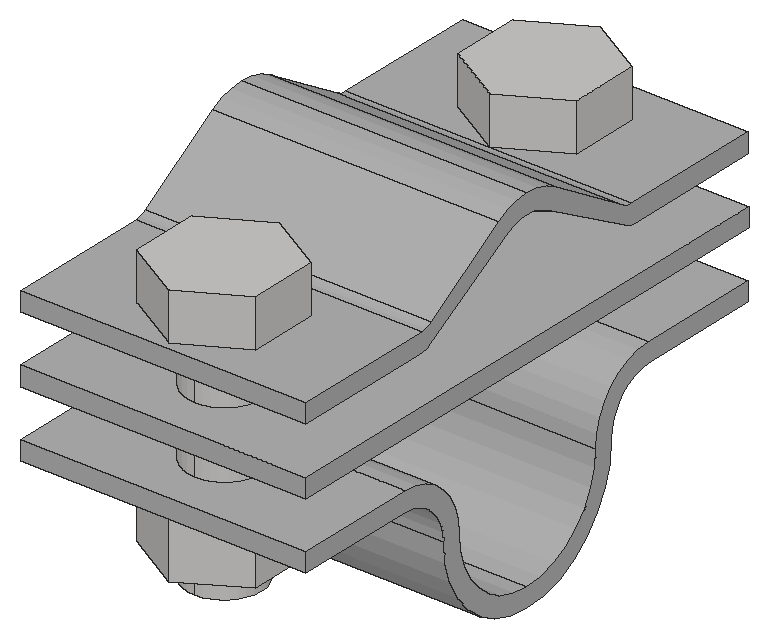
Revit family "DF_ЗажимПараллельный_Пруток_Стержень_8-10_16_EZETEK_", category Соединительные детали воздуховодов, Revit 2017
Family settings
  Размер круглого соединителя = Использовать радиус
  Тип детали = Соединение
  На основе рабочей плоскости = Нет
  Всегда вертикально = Да
  При загрузке вырезать с полостями = Нет
  Общий = Нет
Parameters (values of type "ЗажимПараллельный_Стержень-Стержень_СтальОцинкованная_90550")
  Угол = 90.00°  # constant formula
  Тип = PF_ЗажимПараллельный_Пруток_Стержень_8-10_16_EZETEK : ЗажимПараллельный_Пруток_Стержень_СтальОцинкованная_90550
  Смещение_Коннекторы_По вертикали1 [instance] = if(Графика_Сместить_ПоВертикали, 11 mm, 0 mm)  # 11 mm
  Смещение_Коннекторы_По вертикали [instance] = if(Графика_Сместить_ПоВертикали, 7 mm, 0 mm)  # 7 mm
  СфераОшибки [instance] = if(or(R_1 * 2 > 16 mm, R_1 * 2 < 8 mm, R_2 * 2 > 16 mm, R_2 * 2 < 8 mm), 1 = 1, 1 = 0)  # no
  Смещение_Коннекторы_Длина [instance] = if(Графика_Сместить_ПоДлине, 50 mm, 1 mm)  # 50 mm
  Предупреждение [instance] = if(СфераОшибки, "Допустимые диаметры прутков: 8, 10 мм, стержень 16 мм", "")  # ""
  Описание = "Зажим выполнен из оцинкованной стали и используется для соединения в параллельном направлении прутка молниезащитной сетки диаметром 8-10 мм со стрежнем либо молниеприемником диаметром 16 мм."  # constant formula
  Группа модели = "Зажимы"  # constant formula
  Графика_Сместить_ПоДлине [instance] = yes
  Графика_Сместить_ПоВертикали [instance] = yes
  Производитель_Контакты = "ezetek@ezetek.ru"  # constant formula
  built-in parameter 1114242 [instance] = 1 = 0  # (empty or 0)
  Изготовитель = "Ezetek"  # constant formula
  URL = "https://ezetek.ru/"
  R_Error [instance] = if(СфераОшибки, 200 mm, 1 mm)  # 1 mm
  R_2 [instance] = 8 mm
  R_1 [instance] = 5 mm
  ADSK_Этаж [instance] = ""
  ADSK_Размер_Радиус [instance] = R_2  # 8 mm
  ADSK_Размер_Диаметр [instance] = R_2 * 2  # 16 mm
  ADSK_Примечание [instance] = "Неспецифицируемое"  # constant formula
  ADSK_Позиция [instance] = "Неспецифицируемое"  # constant formula
  ADSK_Обозначение = "Неспецифицируемое"  # constant formula
  ADSK_Наименование краткое [instance] = "Неспецифицируемое"  # constant formula
  ADSK_Наименование = "Неспецифицируемое"  # constant formula
  ADSK_Материал = BIMLIB_Сталь_Оцинкованная_EZETEK
  ADSK_Масса_Текст = "Неспецифицируемое"  # constant formula
  ADSK_Масса = 0  # constant formula
  ADSK_Марка = "Неспецифицируемое"  # constant formula
  ADSK_Количество = 0  # constant formula
  ADSK_Код изделия = "Неспецифицируемое"  # constant formula
  ADSK_Завод-изготовитель = "Неспецифицируемое"  # constant formula
  ADSK_Единица измерения = "Неспецифицируемое"  # constant formula
  ADSK_Группирование [instance] = ""
  ADSK_Версия Revit = "2017"  # constant formula
Types (3, lengths in mm): name | Тип | ADSK_Материал
  ЗажимПараллельный_Стержень-Стержень_Латунь_90553 | PF_ЗажимПараллельный_Пруток_Стержень_8-10_16_EZETEK : ЗажимПараллельный_Пруток_Стержень_Латунь_90553 | BIMLIB_Латунь_EZETEK
  ЗажимПараллельный_Стержень-Стержень_СтальОцинкованная_90550 | PF_ЗажимПараллельный_Пруток_Стержень_8-10_16_EZETEK : ЗажимПараллельный_Пруток_Стержень_СтальОцинкованная_90550 | BIMLIB_Сталь_Оцинкованная_EZETEK
  ЗажимПараллельный_Стержень-Стержень_Медь_90552 | PF_ЗажимПараллельный_Пруток_Стержень_8-10_16_EZETEK : ЗажимПараллельный_Пруток_Стержень_Медь_90552 | BIMLIB_Латунь_EZETEK
Reference planes
  plane 1 "По центру (Вперед/Назад)": y = 0
  plane 2: z = 0
  plane 3 "По центру (Влево/Вправо)": x = 0
  plane 4 "U": z = 7
  plane 5: z = -11
Forms (mm)
  Revolve 1, solid, visible <- "СфераОшибки"
    sketch origin (0, 0, 0) x (1, 0, 0) y (0, 1, 0)
      loop
        arc (1, 0) -> (0, 1) -> (-1, 0) r 1
        line (-1, 0) -> (1, 0)
      axis (1, 0) -> (-1, 0)
    angle from 0 to 360
Lines and regions (mm)
  reference lines
    curve 1: line (-1, 0, 7) -> (50, 0, 7)
    curve 2: line (1, 0, -11) -> (-50, 0, -11)
Dimensions and locks
  "Смещение_Коннекторы_По вертикали": plane 4 "U" to plane 2
  "Смещение_Коннекторы_По вертикали1": plane 2 to plane 5
  locked: curve 1 to plane 3 "По центру (Влево/Вправо)" at 1
  "Смещение_Коннекторы_Длина": plane 3 "По центру (Влево/Вправо)" to curve 1
  locked: plane 3 "По центру (Влево/Вправо)" to curve 2 at 1
  "Смещение_Коннекторы_Длина": curve 2 to plane 3 "По центру (Влево/Вправо)"
  "R_Error": radius of Revolve 1 sketch curve
  aligned and locked: level to plane 2
  aligned and locked: curve 1 to plane 4 "U"
  aligned and locked: plane 1 "По центру (Вперед/Назад)" to Revolve 1 sketch curve  (x2)
  aligned and locked: plane 5 to curve 2
Automatic sketch dimensions
  plane 1 "По центру (Вперед/Назад)" to curve 1 = 0 mm
  plane 1 "По центру (Вперед/Назад)" to Revolve 1 sketch curve = 0 mm
  Revolve 1 sketch curve to plane 3 "По центру (Влево/Вправо)" = 0 mm
  Revolve 1 sketch curve to Revolve 1 sketch curve = 42.294 mm
  Revolve 1 sketch curve to Revolve 1 sketch curve = 33.119 mm
  plane 1 "По центру (Вперед/Назад)" to curve 2 = 0 mm
Nested families
  nested 1: "PF_ЗажимПараллельный_Пруток_Стержень_8-10_16_EZETEK" at (0, 0, 0) x (0, 1, 0) z (0, 0, 1), type <- "Тип", ADSK_Этаж <- "ADSK_Этаж", ADSK_Группирование <- "ADSK_Группирование", type "ЗажимПараллельный_Пруток_Стержень_СтальОцинкованная_90550", detail levels fine
    with Сместить стержни no, Использовать масштаб аннотаций 0, ADSK_Этаж "", ADSK_Примечание "", ADSK_Позиция "", ADSK_Наименование краткое "Зажим заземления", ADSK_Группирование ""
Connectors
  hvac at (50, 0, 7), driven by "R_1"
    settings: on curve 1, index 1, duct flow 0.0 L/s, flow factor 0, pres drop 0.0 Pa, loss coef 0, conn angle 0.00°, conn width 304.8 mm, conn height 304.8 mm, conn diameter 10 mm, duct sys type 1, conn prof type 0, flow config 0, flow direction 0, loss method 0, conn ref index -1, conn util no, is conn primary yes, conn desc ""
  hvac at (-50, 0, -11), driven by "R_2"
    settings: on curve 2, index 2, duct flow 0.0 L/s, flow factor 0, pres drop 0.0 Pa, loss coef 0, conn angle 0.00°, conn width 304.8 mm, conn height 304.8 mm, conn diameter 16 mm, duct sys type 1, conn prof type 0, flow config 0, flow direction 0, loss method 0, conn ref index -1, conn util no, is conn primary no, conn desc ""
Definition of nested family "PF_ЗажимПараллельный_Пруток_Стержень_8-10_16_EZETEK"
  Parameters (values of type "ЗажимПараллельный_Пруток_Стержень_Медь_90552")
    Сместить стержни [instance] = yes
    Производитель_Контакты = "ezetek@ezetek.ru"  # constant formula
    Description = "Зажим выполнен из оцинкованной стали и используется для соединения в параллельном направлении прутка молниезащитной сетки диаметром 8-10 мм со стрежнем либо молниеприемником диаметром 16 мм."  # constant formula
    Использовать масштаб аннотаций [instance] = 1 = 0  # 0
    Manufacturer = "Ezetek"  # constant formula
    Model = "Зажимы"  # constant formula
    URL = "https://ezetek.ru/"
    ADSK_Этаж [instance] = ""
    ADSK_Примечание [instance] = ""
    ADSK_Позиция [instance] = ""
    ADSK_Обозначение = "90552"
    ADSK_Наименование краткое [instance] = "Зажим соединительный"
    ADSK_Наименование = "Зажим соединительный пруток — стержень 16 мм параллельный, медь"
    ADSK_Материал = none
    ADSK_Масса_Текст = "0.113"  # constant formula
    ADSK_Масса = 0.113  # constant formula
    ADSK_Марка = "90552"
    ADSK_Количество = 1  # constant formula
    ADSK_Код изделия = "90552"
    ADSK_Завод-изготовитель = "Ezetek"  # constant formula
    ADSK_Единица измерения = "шт."  # constant formula
    ADSK_Группирование [instance] = ""
    ADSK_Версия Revit = "2017"  # constant formula
  Types (3, lengths in mm): name | Сместить стержни | ADSK_Обозначение | ADSK_Наименование | ADSK_Марка | ADSK_Код изделия
    ЗажимПараллельный_Пруток_Стержень_Медь_90552 | yes | "90552" | "Зажим соединительный пруток — стержень 16 мм параллельный, медь" | "90552" | "90552"
    ЗажимПараллельный_Пруток_Стержень_СтальОцинкованная_90550 | yes | "90550" | "Зажим соединительный пруток — стержень 16 мм параллельный, оцинк." | "90550" | "90550"
    ЗажимПараллельный_Пруток_Стержень_Латунь_90553 | no | "90553" | "Зажим соединительный пруток — стержень 16 мм параллельный, латунь" | "90553" | "90553"
  Reference planes
    plane 1 "По центру (Вперед/Назад)": y = 0
    plane 2: z = 0
    plane 3 "По центру (Влево/Вправо)": x = 0
    plane 4: z = 1
    plane 5: z = -1
    plane 6: z = 8
    plane 7 "Up": z = 6
    plane 8: z = -6
    plane 9: z = -8
    plane 10: z = 13
    plane 11: z = -14.4
    plane 12: z = -17.11
    plane 13: z = 7
    plane 14: z = -7
    plane 15 "M": y = 0
    plane 16 "U": z = 9.5
    plane 17 "L": z = -9.5
    plane 18: z = -9.5
    plane 19: x = 0
    plane 20: x = -29
    plane 21: x = 29
    plane 22: x = -21
    plane 23: x = 21
  Forms (mm)
    Extrusion 1, solid, material <- "ADSK_Материал", detail levels fine
      sketch origin (0, 0, 0) x (1, 0, 0) y (0, 1, 0)
        loop
          line (-29, 15) -> (-29, -15) -> (29, -15) -> (29, 15) -> (-29, 15)
      from 1 to -1
    Extrusion 2, solid, detail levels fine
      sketch origin (15, 0, 0) x (1, 0, 0) y (0, 1, 0)
        loop
          line (-39.603, 6.24) -> (-43.205, 0) -> (-39.603, -6.24) -> (-32.397, -6.24) -> (-28.795, 0) -> (-32.397, 6.24) -> (-39.603, 6.24)
      from 13 to 8
    Extrusion 3, solid, detail levels fine
      sketch origin (57, 0, 0) x (1, 0, 0) y (0, 1, 0)
        loop
          line (-39.603, 6.24) -> (-43.205, 0) -> (-39.603, -6.24) -> (-32.397, -6.24) -> (-28.795, 0) -> (-32.397, 6.24) -> (-39.603, 6.24)
      from 13 to 8
    Extrusion 4, solid, detail levels fine
      sketch origin (15, 0, 0) x (1, 0, 0) y (0, 1, 0)
        loop
          line (-39.603, 6.24) -> (-43.205, 0) -> (-39.603, -6.24) -> (-32.397, -6.24) -> (-28.795, 0) -> (-32.397, 6.24) -> (-39.603, 6.24)
      from -8 to -14.4
    Extrusion 5, solid, detail levels fine
      sketch origin (57, 0, 0) x (1, 0, 0) y (0, 1, 0)
        loop
          line (-39.603, 6.24) -> (-43.205, 0) -> (-39.603, -6.24) -> (-32.397, -6.24) -> (-28.795, 0) -> (-32.397, 6.24) -> (-39.603, 6.24)
      from -8 to -14.4
    Extrusion 6, solid, detail levels fine
      sketch origin (15, 0, 0) x (1, 0, 0) y (0, 1, 0)
        loop
          circle (-36, 0) r 3.9
      from 8 to -17.11
    Extrusion 7, solid, detail levels fine
      sketch origin (57, 0, 0) x (1, 0, 0) y (0, 1, 0)
        loop
          circle (-36, 0) r 3.9
      from 8 to -17.11
    Blend 8, solid, material <- "ADSK_Материал", detail levels fine
      base sketch origin (0, 0, 0) x (1, 0, 0) y (0, 0, 1)
        loop
          line (-29, -8) -> (-16, -8)
          arc (-16, -8) -> (-12.464, -9.464) -> (-11, -13) r 5
          arc (-11, -13) -> (-7.778, -20.778) -> (0, -24) r 11
          arc (0, -24) -> (7.778, -20.778) -> (11, -13) r 11
          arc (11, -13) -> (12.464, -9.464) -> (16, -8) r 5
          line (16, -8) -> (29, -8) -> (29, -6) -> (15.918, -6)
          arc (15.918, -6) -> (11.013, -8.039) -> (9, -12.954) r 6.918
          arc (9, -12.954) -> (6.38, -19.348) -> (0, -22) r 9
          arc (0, -22) -> (-6.38, -19.348) -> (-9, -12.954) r 9
          arc (-9, -12.954) -> (-11.013, -8.039) -> (-15.918, -6) r 6.918
          line (-15.918, -6) -> (-29, -6) -> (-29, -8)
      top sketch origin (0, 0, 0) x (1, 0, 0) y (0, 0, 1)
        loop
          line (-15.918, -6) -> (-29, -6) -> (-29, -8) -> (-16, -8)
          arc (-16, -8) -> (-12.464, -9.464) -> (-11, -13) r 5
          arc (-11, -13) -> (-7.778, -20.778) -> (0, -24) r 11
          arc (0, -24) -> (7.778, -20.778) -> (11, -13) r 11
          arc (11, -13) -> (12.464, -9.464) -> (16, -8) r 5
          line (16, -8) -> (29, -8) -> (29, -6) -> (15.918, -6)
          arc (15.918, -6) -> (11.013, -8.039) -> (9, -12.954) r 6.918
          arc (9, -12.954) -> (6.38, -19.348) -> (0, -22) r 9
          arc (0, -22) -> (-6.38, -19.348) -> (-9, -12.954) r 9
          arc (-9, -12.954) -> (-11.013, -8.039) -> (-15.918, -6) r 6.918
      from 15 to -15
    Blend 9, solid, material <- "ADSK_Материал", detail levels fine
      base sketch origin (0, 0, 0) x (1, 0, 0) y (0, 0, 1)
        loop
          line (14.198, 6) -> (29, 6) -> (29, 8) -> (13.745, 8)
          arc (13.745, 8) -> (13.088, 8.094) -> (12.483, 8.367) r 2.354
          line (12.483, 8.367) -> (3.752, 13.91)
          arc (3.752, 13.91) -> (1.953, 14.722) -> (0, 15) r 7
          arc (0, 15) -> (-1.953, 14.722) -> (-3.752, 13.91) r 7
          line (-3.752, 13.91) -> (-12.483, 8.367)
          arc (-12.483, 8.367) -> (-13.088, 8.094) -> (-13.745, 8) r 2.354
          line (-13.745, 8) -> (-29, 8) -> (-29, 6) -> (-14.198, 6)
          arc (-14.198, 6) -> (-13.451, 6.099) -> (-12.755, 6.388) r 2.877
          line (-12.755, 6.388) -> (-2.507, 12.326)
          arc (-2.507, 12.326) -> (-1.298, 12.829) -> (0, 13) r 5
          arc (0, 13) -> (1.298, 12.829) -> (2.507, 12.326) r 5
          line (2.507, 12.326) -> (12.755, 6.388)
          arc (12.755, 6.388) -> (13.451, 6.099) -> (14.198, 6) r 2.877
      top sketch origin (0, 0, 0) x (1, 0, 0) y (0, 0, 1)
        loop
          line (-29, 8) -> (-29, 6) -> (-14.198, 6)
          arc (-14.198, 6) -> (-13.451, 6.099) -> (-12.755, 6.388) r 2.877
          line (-12.755, 6.388) -> (-2.507, 12.326)
          arc (-2.507, 12.326) -> (-1.298, 12.829) -> (0, 13) r 5
          arc (0, 13) -> (1.298, 12.829) -> (2.507, 12.326) r 5
          line (2.507, 12.326) -> (12.755, 6.388)
          arc (12.755, 6.388) -> (13.451, 6.099) -> (14.198, 6) r 2.877
          line (14.198, 6) -> (29, 6) -> (29, 8) -> (13.745, 8)
          arc (13.745, 8) -> (13.088, 8.094) -> (12.483, 8.367) r 2.354
          line (12.483, 8.367) -> (3.752, 13.91)
          arc (3.752, 13.91) -> (1.953, 14.722) -> (0, 15) r 7
          arc (0, 15) -> (-1.953, 14.722) -> (-3.752, 13.91) r 7
          line (-3.752, 13.91) -> (-12.483, 8.367)
          arc (-12.483, 8.367) -> (-13.088, 8.094) -> (-13.745, 8) r 2.354
          line (-13.745, 8) -> (-29, 8)
      from 15 to -15
  Dimensions and locks
    locked: plane 2 to plane 5 at 1
    locked: plane 4 to plane 2 at 1
    plane 4 to plane 5 = 2 mm
    locked: plane 6 to plane 7 "Up" at 2
    locked: plane 8 to plane 9 at 2
    locked: plane 10 to plane 6 at 5
    locked: plane 7 "Up" to plane 4 at 5
    locked: plane 5 to plane 8 at 5
    locked: plane 9 to plane 11 at 6.4
    locked: plane 11 to plane 12 at 2.71
    equal spacing: plane 6, plane 13, plane 7 "Up"
    equal spacing: plane 8, plane 14, plane 9
    locked: plane 20 to plane 3 "По центру (Влево/Вправо)" at 29
    locked: plane 21 to plane 3 "По центру (Влево/Вправо)" at 29
    locked: plane 22 to plane 3 "По центру (Влево/Вправо)" at 21
    locked: plane 23 to plane 3 "По центру (Влево/Вправо)" at 21
    aligned and locked: level to plane 2
    aligned and locked: Extrusion 1 to plane 5
    aligned and locked: plane 4 to Extrusion 1
    aligned and locked: plane 10 to Extrusion 2
    aligned and locked: Extrusion 2 to plane 6
    aligned and locked: Extrusion 4 to plane 11
    aligned and locked: plane 9 to Extrusion 4
    aligned and locked: plane 6 to Extrusion 6
    aligned and locked: Extrusion 6 to plane 12
    aligned and locked: Extrusion 1 sketch curve to plane 20
    aligned and locked: Extrusion 1 sketch curve to plane 21
  Automatic sketch dimensions
    plane 1 "По центру (Вперед/Назад)" to Extrusion 1 sketch curve = 15 mm
    Extrusion 1 sketch curve to plane 1 "По центру (Вперед/Назад)" = 15 mm
    plane 1 "По центру (Вперед/Назад)" to Extrusion 2 sketch curve = 0 mm  (x2)
    Extrusion 2 sketch curve to plane 20 = 0.795 mm
    plane 22 to Extrusion 2 sketch curve = 3.603 mm  (x2)
    Extrusion 2 sketch curve to plane 22 = 3.603 mm  (x2)
    Extrusion 2 sketch curve to plane 22 = 7.205 mm
    plane 1 "По центру (Вперед/Назад)" to Extrusion 2 sketch curve = 6.24 mm
    Extrusion 2 sketch curve to plane 1 "По центру (Вперед/Назад)" = 6.24 mm
    plane 1 "По центру (Вперед/Назад)" to Extrusion 3 sketch curve = 0 mm  (x2)
    Extrusion 3 sketch curve to plane 23 = 7.205 mm
    Extrusion 3 sketch curve to plane 23 = 3.603 mm  (x2)
    plane 23 to Extrusion 3 sketch curve = 3.603 mm  (x2)
    Extrusion 3 sketch curve to plane 21 = 0.795 mm
    plane 1 "По центру (Вперед/Назад)" to Extrusion 3 sketch curve = 6.24 mm
    Extrusion 3 sketch curve to plane 1 "По центру (Вперед/Назад)" = 6.24 mm
    plane 1 "По центру (Вперед/Назад)" to Extrusion 4 sketch curve = 0 mm  (x2)
    Extrusion 4 sketch curve to plane 20 = 0.795 mm
    plane 22 to Extrusion 4 sketch curve = 3.603 mm  (x2)
    Extrusion 4 sketch curve to plane 22 = 3.603 mm  (x2)
    Extrusion 4 sketch curve to plane 22 = 7.205 mm
    plane 1 "По центру (Вперед/Назад)" to Extrusion 4 sketch curve = 6.24 mm
    Extrusion 4 sketch curve to plane 1 "По центру (Вперед/Назад)" = 6.24 mm
    plane 1 "По центру (Вперед/Назад)" to Extrusion 5 sketch curve = 0 mm  (x2)
    Extrusion 5 sketch curve to plane 23 = 7.205 mm
    Extrusion 5 sketch curve to plane 23 = 3.603 mm  (x2)
    plane 23 to Extrusion 5 sketch curve = 3.603 mm  (x2)
    Extrusion 5 sketch curve to plane 21 = 0.795 mm
    plane 1 "По центру (Вперед/Назад)" to Extrusion 5 sketch curve = 6.24 mm
    Extrusion 5 sketch curve to plane 1 "По центру (Вперед/Назад)" = 6.24 mm
    plane 1 "По центру (Вперед/Назад)" to Extrusion 6 sketch curve = 0 mm
    Extrusion 6 sketch curve to plane 22 = 0 mm
    plane 1 "По центру (Вперед/Назад)" to Extrusion 7 sketch curve = 0 mm
    Extrusion 7 sketch curve to plane 23 = 0 mm
    Blend 8 sketch curve to Blend 8 sketch curve = 0 mm  (x28)
    Blend 8 sketch curve to plane 9 = 0 mm  (x4)
    plane 20 to Blend 8 sketch curve = 0 mm  (x2)
    Blend 8 sketch curve to plane 8 = 0 mm  (x4)
    Blend 8 sketch curve to plane 3 "По центру (Влево/Вправо)" = 0 mm  (x2)
    Blend 8 sketch curve to plane 21 = 0 mm  (x2)
    Blend 8 sketch curve to plane 22 = 5 mm  (x2)
    Blend 8 sketch curve to Blend 8 sketch curve = 0.082 mm  (x6)
    plane 11 to Blend 8 sketch curve = 1.482 mm  (x3)
    Blend 8 sketch curve to plane 23 = 5.082 mm  (x2)
    plane 11 to Blend 8 sketch curve = 1.4 mm
    Blend 9 sketch curve to Blend 9 sketch curve = 0 mm  (x24)
    Blend 9 sketch curve to plane 6 = 0 mm  (x6)
    plane 20 to Blend 9 sketch curve = 0 mm  (x2)
    Blend 9 sketch curve to plane 7 "Up" = 0 mm  (x4)
    Blend 9 sketch curve to plane 3 "По центру (Влево/Вправо)" = 0 mm  (x2)
    Blend 9 sketch curve to plane 21 = 0 mm  (x2)
    Blend 9 sketch curve to plane 10 = 0 mm  (x2)
    Blend 9 sketch curve to plane 16 "U" = 0.623 mm  (x2)
    Blend 9 sketch curve to plane 22 = 6.802 mm  (x2)
    Blend 9 sketch curve to Blend 9 sketch curve = 0.453 mm  (x2)
    plane 7 "Up" to Blend 9 sketch curve = 0.388 mm  (x4)
    plane 6 to Blend 9 sketch curve = 0.367 mm  (x4)
    Blend 9 sketch curve to Blend 9 sketch curve = 1.262 mm  (x2)
    plane 10 to Blend 9 sketch curve = 0.91 mm  (x4)
    Blend 9 sketch curve to plane 3 "По центру (Влево/Вправо)" = 3.752 mm  (x2)
    Blend 9 sketch curve to plane 10 = 0.674 mm  (x4)
    Blend 9 sketch curve to plane 23 = 8.517 mm  (x2)
    Blend 9 sketch curve to Blend 9 sketch curve = 0.272 mm  (x2)
    plane 16 "U" to Blend 9 sketch curve = 0.854 mm  (x2)
    Blend 9 sketch curve to Blend 9 sketch curve = 1.442 mm  (x2)
    radius of Extrusion 6 sketch curve = 3.9 mm
    radius of Extrusion 7 sketch curve = 3.9 mm
